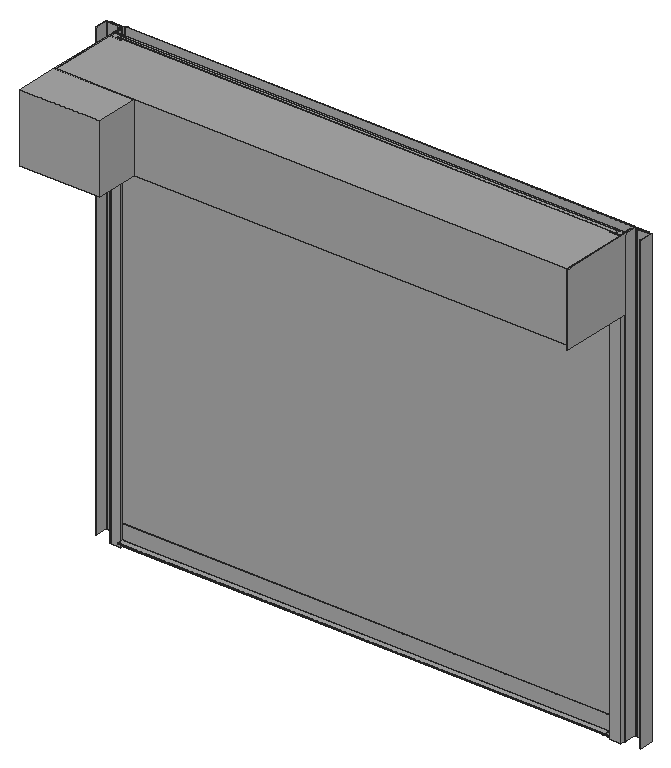
Revit family "Door-Thermiser_Max_BetweenJambMount_Cookson", category Doors, host Wall, Revit 2013
Parameters (values of type "Motor Operated Stainless Steel")
  Sizing Disclaimer = "30’ wide, 30’ high standard construction."  # constant formula
  Revit Object Download Link = "http://cornellcookson.smartbim.com/download/Door-Thermiser_Max_BetweenJambMount_Cookson"
  Product Options = "Vision windows, Powder coat graphics, high cycle springs, locking and many more. Upgrade to a Thermiser Max. Meets air Infiltration standards for IECC 2012, ASHRAE 90.1 and Title 24 with the use of either silicone or a foam block guide seal and a lintel brush with vinyl and sealed at the ends with silicone."  # constant formula
  Optional Operator Cover Right = no
  Optional Operator Cover Left = no
  Optional Material Desired = no
  Mounting = "Between Jambs"  # constant formula
  URL Specifications = "http://www.cooksondoor.com/docs/default-source/Specifications/thermiser-insulated-service-door-specification_k.doc"
  URL Photographs = "http://www.cooksondoor.com/product/thermiser-insulated-doors"
  URL CAD = "http://www.cooksondoor.com/architect-tools-and-resources/drawing-generator?prod=therm"
  Motor Options = "Users should contact Cornell for available motors and electrical information."  # constant formula
  Motor Operator = yes
  Materials Available = "Powder Coated Finish, Standard RAL Colors, Galv Steel, and Aluminum"  # constant formula
  Lintel Seal Note = "Nylon brush seal fitted at door header to impede air flow."  # constant formula
  Hood Note = "Neoprene/rayon baffle to impede airlow above coil."  # constant formula
  Hood = Metal - Cornell - Stainless Steel (Non-Curtain Components)
  Guides = Metal - Cornell - Stainless Steel (Non-Curtain Components)
  Guide Note = "Replaceable vinyl strip on guides sealing against fascia side of curtain."  # constant formula
  Function = Interior
  Hand Chain = no
  Curtain = Metal - Cornell - Stainless Steel (Curtain only - 3In - Slat Spacing)
  Bottom Bar Following Curtain = "Replaceable, bulb-style, comprssible EDPM gasket extending into the guides. Or - Motor Operated Doors: Sensing/weather edge with neoprene astragal extending full width of door bottom bar."  # constant formula
  URL = "http://www.cooksondoor.com/product/thermiser-insulated-doors"
  Subcategory = "Roll Up"  # constant formula
  Wall Construction = "Masonry, Steel or Wood"  # constant formula
  Operator = Operator : Motor Operator
  Representative Disclaimer = "Cookson products are sold and installed through a nationwide network of independent distributors."  # constant formula
  Distributor Locator = "http://www.cooksondoor.com/find-a-dealer"
  Operator Width = (Width - 2 * 0' 3 1/4") + 0' 3 7/16" * 2  # 12' - 0 3/8"
  Operation = ""
  From Coil Side Operate on Right = no
  From Coil Side Operate on Left = not(From Coil Side Operate on Right)  # yes
  Model = "ESD30"  # constant formula
  Manufacturer = "CornellCookson,Inc."  # constant formula
  LEED Information = "http://www.cooksondoor.com/architect-tools-and-resources/leed-information"
  Height = 10' - 0"
  Wall Closure = By host
  Width = 12' - 0"
  Description = "Built to order insulated rolling doors maintain different temperatures on each side of the door."  # constant formula
  Operator Height = Height / 1.5  # 6' - 8"
  Bottom Bar = Metal - Cornell - Stainless Steel (Non-Curtain Components)
  Assembly Code = "B2030410"
  Air Infiltration = "Complies with ASHRAE 90.1 and 2012 IECC® (International Energy Conservation Code) requirements or less than .3 CFM/FT2.  Air infiltration rate of .27 CFM/FT2 validated by an independent testing agency for Face of Wall mounting configuration.  Test report to be made available upon request."  # constant formula
  ASHRAE and IECC 2012 Compliance = "Foam Block in Guides with Lintel Seal inserted with Vinyl.  Meets ASHRAE 90.1 and IECC 2012 air infitration requirements of less than .3 CFM/FT2.  (Face of Wall mounted configuration. Test results available upon request.)"  # constant formula
  95 CSI = "08330"  # constant formula
  Windload = "A full range of specific wind load requirements available- Consult Cookson."  # constant formula
  Sound Transmission Class Rating = "STC 30 for the curtain, and 22 for the complete, operable door assembly"  # constant formula
  Coil Dimension Note = "17” to 30” -  Consult Cookson when dimensions are critical."  # constant formula
  Jamb Dimension Note = "Between Jambs:  7 3/4In to 11in wide. Consult Cookson when dimensions are critical."  # constant formula
  04 CSI = "08 33 00"  # constant formula
  Cost Note = "Based on size, materials selected. Consult Cookson."  # constant formula
Types (8): name | Motor Operator | Hood | Guides | Hand Chain | Curtain | Operator | From Coil Side Operate on Right | From Coil Side Operate on Left | Bottom Bar
  Hand-Chain Operated Galvanized Steel | no | Metal - Cornell - Galvanized or Plain Steel (Non-Curtain Components) | Metal - Cornell - Galvanized or Plain Steel (Non-Curtain Components) | yes | Metal - Cornell - Galvanized Steel (Curtain only - 3In - Slat Spacing) | Operator : Hand-Chain | yes | no | Metal - Cornell - Galvanized or Plain Steel (Non-Curtain Components)
  Hand-Chain Operated Stainless steel | no | Metal - Cornell - Stainless Steel (Non-Curtain Components) | Metal - Cornell - Stainless Steel (Non-Curtain Components) | yes | Metal - Cornell - Stainless Steel (Curtain only - 3In - Slat Spacing) | Operator : Hand-Chain | yes | no | Metal - Cornell - Stainless Steel (Non-Curtain Components)
  Motor Operated Galvanized Steel | yes | Metal - Cornell - Galvanized or Plain Steel (Non-Curtain Components) | Metal - Cornell - Galvanized or Plain Steel (Non-Curtain Components) | no | Metal - Cornell - Galvanized Steel (Curtain only - 3In - Slat Spacing) | Operator : Motor Operator | yes | no | Metal - Cornell - Galvanized or Plain Steel (Non-Curtain Components)
  Motor Operated Stainless Steel | yes | Metal - Cornell - Stainless Steel (Non-Curtain Components) | Metal - Cornell - Stainless Steel (Non-Curtain Components) | no | Metal - Cornell - Stainless Steel (Curtain only - 3In - Slat Spacing) | Operator : Motor Operator | no | yes | Metal - Cornell - Stainless Steel (Non-Curtain Components)
  Hand-Chain Operated Aluminum, mill finish | no | Metal - Cornell - Aluminum - Mill Finish (Non-Curtain Components) | Metal - Cornell - Aluminum - Mill Finish (Non-Curtain Components) | yes | Metal - Cornell - Aluminum - Mill Finish (Curtain only - 3In - Slat Spacing) | Operator : Hand-Chain | yes | no | Metal - Cornell - Aluminum - Mill Finish (Non-Curtain Components)
  Hand-Chain Operated Aluminum, clear anodized finish | no | Metal - Cornell - Aluminum - Clear Anodized Finish (Non-Curtain Components) | Metal - Cornell - Aluminum - Clear Anodized Finish (Non-Curtain Components) | yes | Metal - Cornell - Aluminum - Clear Anodized Finish (Curtain only - 3In - Slat Spacing) | Operator : Hand-Chain | yes | no | Metal - Cornell - Aluminum - Clear Anodized Finish (Non-Curtain Components)
  Motor Operated Aluminum, clear anodized finish | yes | Metal - Cornell - Aluminum - Clear Anodized Finish (Non-Curtain Components) | Metal - Cornell - Aluminum - Clear Anodized Finish (Non-Curtain Components) | no | Metal - Cornell - Aluminum - Clear Anodized Finish (Curtain only - 3In - Slat Spacing) | Operator : Motor Operator | yes | no | Metal - Cornell - Aluminum - Clear Anodized Finish (Non-Curtain Components)
  Motor Operated Aluminum, mill finish | yes | Metal - Cornell - Aluminum - Mill Finish (Non-Curtain Components) | Metal - Cornell - Aluminum - Mill Finish (Non-Curtain Components) | no | Metal - Cornell - Aluminum - Mill Finish (Curtain only - 3In - Slat Spacing) | Operator : Motor Operator | yes | no | Metal - Cornell - Aluminum - Mill Finish (Non-Curtain Components)
Reference planes (in)
  plane 1 "Center (Front/Back)": y = 0
  plane 2 "Center (Left/Right)": x = 36
  plane 3 "Left": x = -36
  plane 4 "Right": x = 108
  plane 5 "Top": z = 120
  plane 6 "Wall Edge": y = -4
  plane 7 "Left Edge of Hood": x = -42.75
  plane 8: y = -4
  plane 9 "Right Edge of Hood": x = 114.75
  plane 10 "Bottom Bar Alignment": y = -5.8765
  plane 11: y = -2.12013
  plane 12: x = -29.74865
  plane 13: x = 101.74865
  plane 14: x = -31.0625
  plane 15: z = 5.53516
  plane 16: x = 105.75
  plane 17: y = -11.65733
  plane 18: y = -19.31465
  plane 19: z = 102
  plane 20: x = -39
  plane 21: y = -33.25
  plane 22: y = -21.875
  plane 23: y = -1.12488
  plane 24: z = 102
  plane 25: y = -5.5
  plane 26: x = 103.0625
Forms (in)
  Sweep 1, solid, material "Metal - Cornell - Stainless Steel (Non-Curtain Components)" <- "Hood"
    path origin (0, -4, -11) x (-1, 0, 0) y (0, 0, 1)
      loop
        line (-103.4375, 124.35156) -> (31.438, 124.35156)
    profile "Profile_Hood : Profile_Hood" origin (35.99975, -4, 113.35156) x (0, 0, 1) y (0, 1, 0)
      loop
        line (6.64844, -17.875) -> (6.64844, 1.875) -> (-11.35156, 1.875) -> (-11.35156, -17.875) -> (6.64844, -17.875)
  Sweep 2, solid, material "Metal - Cornell - Stainless Steel (Non-Curtain Components)" <- "Bottom Bar"
    path origin (-47.26514, -4, 47.99916) x (-1, 0, 0) y (0, 0, 1)
      loop
        line (-147.51514, -48) -> (-19.01514, -48)
    profile "Profile_BottomBar : Profile_BottomBar" origin (36, -4, -0.00084) x (0, 0, 1) y (0, 1, 0)
      loop
        line (1.84214, 1.28791) -> (1.60324, 2.77486)
        arc (1.60324, 2.77486) -> (1.57787, 2.80943) -> (1.535, 2.80903) r 0.047
        line (1.535, 2.80903) -> (1.535, 2.61332) -> (1.75124, 1.26741) -> (0.453, 1.26741)
        arc (0.453, 1.26741) -> (0.33587, 1.252) -> (0.22671, 1.20684) r 0.453
        arc (0.22671, 1.20684) -> (0.12854, 1.13053) -> (0.05482, 1.03042) r 0.453
        arc (0.05482, 1.03042) -> (0.00923, 0.90541) -> (0.00194, 0.77254) r 0.453
        arc (0.00194, 0.77254) -> (0.03976, 0.62881) -> (0.12207, 0.50506) r 0.453
        arc (0.12207, 0.50506) -> (0.1705, 0.46028) -> (0.22493, 0.42301) r 0.453
        arc (0.22493, 0.42301) -> (0.33488, 0.37708) -> (0.453, 0.36141) r 0.453
        line (0.453, 0.36141) -> (1.629, 0.36141) -> (1.629, -1.04659)
        arc (1.629, -1.04659) -> (1.61992, -1.06851) -> (1.598, -1.07759) r 0.031
        line (1.598, -1.07759) -> (1.566, -1.07759)
        arc (1.566, -1.07759) -> (1.54408, -1.08667) -> (1.535, -1.10859) r 0.031
        line (1.535, -1.10859) -> (1.535, -1.17009)
        arc (1.535, -1.17009) -> (1.54877, -1.20333) -> (1.582, -1.21709) r 0.047
        line (1.582, -1.21709) -> (1.676, -1.21709)
        arc (1.676, -1.21709) -> (1.70923, -1.20333) -> (1.723, -1.17009) r 0.047
        line (1.723, -1.17009) -> (1.723, 0.34491) -> (5.536, 0.34491) -> (5.536, 1.28791) -> (1.84214, 1.28791)
  Extrusion 3, solid, material "Metal - Cornell - Stainless Steel (Non-Curtain Components)" <- "Hood"
    sketch origin (0, -0.73439, 111.99245) x (1, 0, 0) y (0, 1, 0)
      loop
        line (-31.0625, 1.48439) -> (103.0625, 1.48439) -> (103.0625, 1.60939) -> (-31.0625, 1.60939) -> (-31.0625, 1.48439)
    from -9.99245 to 8.00755
  Extrusion 4, solid, material "Metal - Cornell - Stainless Steel (Curtain only - 3In - Slat Spacing)" <- "Curtain"
    sketch origin (1.25, 0, 0) x (1, 0, 0) y (0, 1, 0)
      loop
        line (-30.99865, -2.875) -> (-30.99865, -3.5) -> (100.49865, -3.5) -> (100.49865, -2.875) -> (-30.99865, -2.875)
    from 5.53516 to 120
Lines and regions (in)
  Opening 1
    outline origin (-98, -4, 0) x (1, 0, 0) y (0, 0, 1)
      loop
        line (62, 0) -> (206, 0) -> (206, 120) -> (62, 120) -> (62, 0)
  symbolic lines, style "Roller Chamber"
    curve 1: line (-31.438, -4, 0) -> (-36, -4, 0)
    curve 2: line (108, -4, 0) -> (103.4375, -4, 0)
  symbolic lines, style "Doors"
    curve 3: line (-29.74865, -3.5, 0) -> (101.74865, -3.5, 0)
    curve 4: line (101.74865, -3.5, 0) -> (101.74865, -2.875, 0)
    curve 5: line (101.74865, -2.875, 0) -> (-29.74865, -2.875, 0)
    curve 6: line (-29.74865, -2.875, 0) -> (-29.74865, -3.5, 0)
    curve 7: line (100.25, -1.19097, 0) -> (-28.25, -1.19097, 0)
    curve 8: line (100.25, -5.21709, 0) -> (100.25, -3.5, 0)
    curve 9: line (-28.25, -5.21709, 0) -> (100.25, -5.21709, 0)
    curve 10: line (-28.25, -1.19097, 0) -> (-28.25, -2.875, 0)
    curve 11: line (100.25, -2.875, 0) -> (100.25, -1.19097, 0)
    curve 12: line (-28.25, -3.5, 0) -> (-28.25, -5.21709, 0)
Text (in)
  text "Exterior" at (-74.96733, 27.31104, 0), in view "Ref. Level"
  text "Interior" at (-74.96733, -25.14366, 0), in view "Ref. Level"
  text "Exterior" at (0, 40.15149, 123.01588), in view "Right"
  text "Interior" at (0, -64.39139, 123.01588), in view "Right"
  text "Interior" at (0, -63.63426, 123.00693), in view "Left"
  text "Exterior" at (0, 54.57065, 123.00693), in view "Left"
Dimensions and locks (in)
  equal spacing: plane 3 "Left", plane 2 "Center (Left/Right)", plane 4 "Right"
  "Height": level to plane 5 "Top"
  "Width": plane 3 "Left" to plane 4 "Right"
  locked: plane 7 "Left Edge of Hood" to plane 3 "Left" at 6.75
  locked: plane 8 to plane 6 "Wall Edge"
  locked: plane 9 "Right Edge of Hood" to plane 4 "Right" at 6.75
  locked: plane 10 "Bottom Bar Alignment" to plane 8 at 1.8765
  locked: plane 11 to host wall at 2.12013
  locked: plane 3 "Left" to plane 12 at 6.25135
  locked: plane 13 to plane 4 "Right" at 6.25135
  locked: Extrusion 3 sketch curve to Extrusion 3 sketch curve at 0.125
  locked: Extrusion 3 to Extrusion 3 at 0.125
  locked: plane 14 to plane 12 at 1.31385
  locked: level to plane 15 at 5.53516
  Sweep 1 to plane 16 to plane 4 "Right" = 0' - 2 5/16", 0' - 2 1/4"
  equal spacing: plane 6 "Wall Edge", plane 17, plane 18
  locked: plane 8 to plane 18 at 15.31465
  plane 20 to plane 3 "Left" to Sweep 1 = 0' - 3", 0' - 4.562"
  plane 14 to Extrusion 4 sketch curve = 0' - 1.31385"
  locked: Extrusion 4 sketch curve to Extrusion 4 sketch curve at 0.625
  locked: plane 22 to plane 21 at 11.375
  locked: host wall to plane 22 at 17.875
  locked: plane 5 "Top" to plane 24 at 18
  plane 24 to level = 8' - 6"
  locked: Extrusion 4 sketch curve to nested 2 at 0.5
  locked: plane 19 to plane 5 "Top" at 18
  plane 3 "Left" to plane 4 "Right" = 12' - 0"
  locked: plane 3 "Left" to Sweep 1 sketch curve at 4.562
  locked: Sweep 1 sketch curve to plane 4 "Right" at 4.5625
  locked: plane 13 to plane 26 at 1.31385
  aligned and locked: plane 3 "Left" to Opening 1 sketch curve
  aligned and locked: plane 5 "Top" to Opening 1 sketch curve  (x2)
  aligned and locked: Opening 1 sketch curve to plane 4 "Right"
  aligned and locked: Opening 1 sketch curve to level
  aligned and locked: plane 6 "Wall Edge" to host wall
  aligned and locked: plane 8 to nested 1
  aligned and locked: plane 8 to nested 2
  aligned and locked: nested 2 to Sweep 2 sketch curve
  aligned and locked: nested 1 to Sweep 2 sketch curve
  aligned and locked: plane 3 "Left" to curve 1
  aligned and locked: Sweep 1 to curve 1
  aligned and locked: plane 6 "Wall Edge" to curve 1
  aligned and locked: plane 4 "Right" to curve 2
  aligned and locked: curve 2 to plane 6 "Wall Edge"
  aligned and locked: plane 19 to Extrusion 3
  aligned and locked: Extrusion 3 to plane 5 "Top"
  aligned and locked: Sweep 1 to curve 2
  aligned: nested 1 to plane 3 "Left"
  aligned and locked: nested 2 to plane 4 "Right"
  aligned and locked: plane 15 to Sweep 2
  aligned and locked: Extrusion 4 to plane 13
  aligned and locked: plane 12 to Extrusion 4
  aligned: nested 3 to plane 24
  aligned and locked: plane 14 to Extrusion 3
  aligned and locked: Extrusion 4 to plane 5 "Top"
  aligned: nested 3 to plane 22
  aligned and locked: Extrusion 3 sketch curve to nested 2
  aligned and locked: Extrusion 4 to plane 15
  aligned: nested 4 to Sweep 1
  aligned: nested 4 to nested 3
  aligned: nested 5 to nested 3  (x2)
  aligned: nested 3 to nested 5
  aligned: nested 5 to Sweep 1
  aligned: plane 2 "Center (Left/Right)" to nested 3
  aligned and locked: Sweep 1 to nested 4
  aligned and locked: nested 4 to nested 2
  aligned and locked: nested 3 to Sweep 1  (x2)
  aligned and locked: plane 5 "Top" to nested 3
  aligned and locked: nested 4 to plane 5 "Top"
  aligned and locked: nested 5 to Sweep 1  (x2)
  aligned and locked: nested 5 to plane 5 "Top"
  aligned and locked: nested 1 to plane 3 "Left"
  aligned and locked: Extrusion 3 sketch curve to plane 14
  aligned and locked: plane 26 to Extrusion 3 sketch curve
  aligned and locked: nested 1 to level
  aligned and locked: level to nested 2
  aligned and locked: Sweep 1 to plane 5 "Top"
  aligned and locked: curve 3 to Extrusion 4
  aligned and locked: curve 4 to Extrusion 4
  aligned and locked: curve 5 to Extrusion 4
  aligned and locked: curve 6 to Extrusion 4
  aligned and locked: curve 7 to Sweep 2
  aligned and locked: curve 8 to Sweep 2
  aligned and locked: Sweep 2 to curve 9
  aligned and locked: Sweep 2 to curve 10
Automatic sketch dimensions
  Sweep 1 sketch curve to plane 19 = 0' - 11 45/128"
  Sweep 2 sketch curve to level = 0' - 0.00084"
  plane 13 to Extrusion 4 sketch curve = 0' - 0"
  curve 5 to plane 12 = 0' - 0"
  curve 3 to plane 13 = 0' - 0"
  curve 3 to curve 5 = 0' - 0 5/8"
  curve 11 to host wall = 0' - 1 1/8"
  curve 12 to host wall = 0' - 0 1/2"
  curve 12 to plane 12 = 0' - 1.49865"
  curve 10 to plane 11 = 0' - 0.75487"
  curve 11 to plane 13 = 0' - 1.49865"
  curve 8 to host wall = 0' - 0 1/2"
Nested families (in)
  nested 1: "Jamb_Guide-Wall" at (-33.75, 0.5, 0), type "Guide"
  nested 2: "Jamb_Guide-Wall" at (105.75, 0.5, 0) x (-1, 0, 0) z (0, 0, 1), type "Guide"
  nested 3: "Operator" at (35.9995, -2.125, 31.5), type <- "Operator", type "Motor Operator"
    with Right Visibility no, Motor Visibility no, Motor yes, Left Visibility yes
  nested 4: "Palte_CornellIron" at (103.563, -11.875, 83.62409), type "Right Plate"
  nested 5: "Palte_CornellIron" at (-31.563, -11.875, 83.62409), type "Left Plate"
Definition of nested family "Jamb_Guide-Wall"
  Parameters (values of type "Guide")
    Height = 10' - 0"
    Guide = Metal - Cornell - Stainless Steel (Non-Curtain Components)
    Assembly Code = ""
  Reference planes (in)
    plane 1 "Center (Front/Back)": y = 0
    plane 2: z = 0
    plane 3 "Center (Left/Right)": x = 0.0625
    plane 4: z = 120
    plane 5 "Center Line": x = 2.3125
    plane 6: y = -0.25
    plane 7: x = 5.5
    plane 8: x = -2.25
    plane 9: y = 0.25
    plane 10: y = -4.5
    plane 11: y = -2.25
  Forms (in)
    Extrusion 1, solid, material "Metal - Cornell - Stainless Steel (Non-Curtain Components)" <- "Guide"
      sketch origin (-14.10276, 14.79848, 0) x (1, 0, 0) y (0, 1, 0)
        loop
          line (12.10276, -18.17348) -> (12.10276, -15.17348)
          arc (12.10276, -15.17348) -> (12.13937, -15.08509) -> (12.22776, -15.04848) r 0.125
          line (12.22776, -15.04848) -> (15.22776, -15.04848)
          arc (15.22776, -15.04848) -> (15.31614, -15.01187) -> (15.35276, -14.92348) r 0.125
          line (15.35276, -14.92348) -> (15.35276, -14.79848) -> (11.85276, -14.79848) -> (11.85276, -18.29848) -> (11.97776, -18.29848)
          arc (11.97776, -18.29848) -> (12.06614, -18.26187) -> (12.10276, -18.17348) r 0.125
      from 0 to 120
    Extrusion 2, solid, material "Metal - Cornell - Stainless Steel (Non-Curtain Components)" <- "Guide"
      sketch origin (-14.10276, 14.79848, 0) x (1, 0, 0) y (0, 1, 0)
        loop
          line (13.03976, -14.79848) -> (16.03976, -14.79848)
          arc (16.03976, -14.79848) -> (16.12814, -14.83509) -> (16.16476, -14.92348) r 0.125
          line (16.16476, -14.92348) -> (16.16476, -17.92348)
          arc (16.16476, -17.92348) -> (16.20137, -18.01187) -> (16.28976, -18.04848) r 0.125
          line (16.28976, -18.04848) -> (16.41476, -18.04848) -> (16.41476, -14.54848) -> (12.91476, -14.54848) -> (12.91476, -14.67348)
          arc (12.91476, -14.67348) -> (12.95137, -14.76187) -> (13.03976, -14.79848) r 0.125
      from 0 to 120
    Extrusion 3, solid, material "Metal - Cornell - Stainless Steel (Non-Curtain Components)" <- "Guide"
      sketch origin (0, 0, 0) x (1, 0, 0) y (0, 1, 0)
        loop
          line (2.4995, -2.9375) -> (5.4995, -2.9375) -> (5.4995, -2.84375)
          arc (5.4995, -2.84375) -> (5.47204, -2.77746) -> (5.40575, -2.75) r 0.09375
          line (5.40575, -2.75) -> (2.78075, -2.75)
          arc (2.78075, -2.75) -> (2.71446, -2.72254) -> (2.687, -2.65625) r 0.09375
          line (2.687, -2.65625) -> (2.687, -1.03125)
          arc (2.687, -1.03125) -> (2.65954, -0.96496) -> (2.59325, -0.9375) r 0.09375
          line (2.59325, -0.9375) -> (2.4995, -0.9375) -> (2.4995, -2.9375)
      from 0 to 120
    Extrusion 4, solid, material "Metal - Cornell - Stainless Steel (Non-Curtain Components)" <- "Guide"
      sketch origin (0, 0, 0) x (1, 0, 0) y (0, 1, 0)
        loop
          line (5.21825, -4.3125) -> (2.59325, -4.3125)
          arc (2.59325, -4.3125) -> (2.52696, -4.28504) -> (2.4995, -4.21875) r 0.09375
          line (2.4995, -4.21875) -> (2.4995, -1.59375)
          arc (2.4995, -1.59375) -> (2.47204, -1.52746) -> (2.40575, -1.5) r 0.09375
          line (2.40575, -1.5) -> (2.312, -1.5) -> (2.312, -4.5) -> (5.312, -4.5) -> (5.312, -4.40625)
          arc (5.312, -4.40625) -> (5.28454, -4.33996) -> (5.21825, -4.3125) r 0.09375
      from 0 to 120
  Lines and regions (in)
    symbolic lines, style "GenericModel"
      curve 1: line (1.25, 0, 0) -> (-2.25, 0, 0)
      curve 2: line (1.25, -0.125, 0) -> (1.25, 0, 0)
      curve 3: arc (1.125, -0.25, 0) -> (1.21339, -0.21339, 0) -> (1.25, -0.125, 0) r 0.125
      curve 4: line (-1.875, -0.25, 0) -> (1.125, -0.25, 0)
      curve 5: arc (-2, -0.375, 0) -> (-1.96339, -0.28661, 0) -> (-1.875, -0.25, 0) r 0.125
      curve 6: line (-2, -3.375, 0) -> (-2, -0.375, 0)
      curve 7: line (-2.25, 0, 0) -> (-2.25, -3.5, 0)
      curve 8: line (-2.25, -3.5, 0) -> (-2.125, -3.5, 0)
      curve 9: arc (-2.125, -3.5, 0) -> (-2.03661, -3.46339, 0) -> (-2, -3.375, 0) r 0.125
      curve 10: line (2.312, -3.25, 0) -> (2.312, 0.25, 0)
      curve 11: line (2.062, -0.125, 0) -> (2.062, -3.125, 0)
      curve 12: arc (2.062, -3.125, 0) -> (2.09861, -3.21339, 0) -> (2.187, -3.25, 0) r 0.125
      curve 13: line (2.187, -3.25, 0) -> (2.312, -3.25, 0)
      curve 14: arc (1.937, 0, 0) -> (2.02539, -0.03661, 0) -> (2.062, -0.125, 0) r 0.125
      curve 15: line (-1.063, 0, 0) -> (1.937, 0, 0)
      curve 16: line (-1.188, 0.25, 0) -> (-1.188, 0.125, 0)
      curve 17: arc (-1.188, 0.125, 0) -> (-1.15139, 0.03661, 0) -> (-1.063, 0, 0) r 0.125
      curve 18: line (2.312, 0.25, 0) -> (-1.188, 0.25, 0)
      curve 19: line (2.40575, -1.5, 0) -> (2.312, -1.5, 0)
      curve 20: arc (2.4995, -1.59375, 0) -> (2.47204, -1.52746, 0) -> (2.40575, -1.5, 0) r 0.09375
      curve 21: line (2.4995, -0.9375, 0) -> (2.4995, -2.9375, 0)
      curve 22: line (2.59325, -0.9375, 0) -> (2.4995, -0.9375, 0)
      curve 23: arc (2.687, -1.03125, 0) -> (2.65954, -0.96496, 0) -> (2.59325, -0.9375, 0) r 0.09375
      curve 24: line (2.687, -2.65625, 0) -> (2.687, -1.03125, 0)
      curve 25: arc (2.78075, -2.75, 0) -> (2.71446, -2.72254, 0) -> (2.687, -2.65625, 0) r 0.09375
      curve 26: line (5.40575, -2.75, 0) -> (2.78075, -2.75, 0)
      curve 27: line (2.4995, -2.9375, 0) -> (5.4995, -2.9375, 0)
      curve 28: arc (5.4995, -2.84375, 0) -> (5.47204, -2.77746, 0) -> (5.40575, -2.75, 0) r 0.09375
      curve 29: line (5.4995, -2.9375, 0) -> (5.4995, -2.84375, 0)
      curve 30: line (5.21825, -4.3125, 0) -> (2.59325, -4.3125, 0)
      curve 31: arc (5.312, -4.40625, 0) -> (5.28454, -4.33996, 0) -> (5.21825, -4.3125, 0) r 0.09375
      curve 32: line (5.312, -4.5, 0) -> (5.312, -4.40625, 0)
      curve 33: line (2.312, -4.5, 0) -> (5.312, -4.5, 0)
      curve 34: arc (2.59325, -4.3125, 0) -> (2.52696, -4.28504, 0) -> (2.4995, -4.21875, 0) r 0.09375
      curve 35: line (2.4995, -4.21875, 0) -> (2.4995, -1.59375, 0)
      curve 36: line (2.312, -1.5, 0) -> (2.312, -4.5, 0)
  Dimensions and locks (in)
    "Height": plane 4 to plane 2
    aligned and locked: plane 2 to level
    aligned and locked: Extrusion 1 to level
    aligned and locked: plane 4 to Extrusion 1
    aligned and locked: plane 4 to Extrusion 2
    aligned and locked: Extrusion 2 to level
    aligned and locked: Extrusion 3 to level
    aligned and locked: plane 4 to Extrusion 3
    aligned and locked: Extrusion 4 to level
    aligned and locked: plane 4 to Extrusion 4
    aligned and locked: curve 1 to Extrusion 1
    aligned and locked: curve 2 to Extrusion 1
    aligned and locked: curve 3 to Extrusion 1
    aligned and locked: curve 4 to Extrusion 1
    aligned and locked: curve 5 to Extrusion 1
    aligned and locked: curve 6 to Extrusion 1
    aligned and locked: curve 7 to Extrusion 1
    aligned and locked: curve 8 to Extrusion 1
    aligned and locked: curve 9 to Extrusion 1
    aligned and locked: curve 10 to Extrusion 2
    aligned and locked: curve 11 to Extrusion 2
    aligned and locked: curve 12 to Extrusion 2
    aligned and locked: curve 13 to Extrusion 2
    aligned and locked: curve 14 to Extrusion 2
    aligned and locked: curve 15 to Extrusion 2
    aligned and locked: curve 16 to Extrusion 2
    aligned and locked: curve 17 to Extrusion 2
    aligned and locked: curve 18 to Extrusion 2
    aligned and locked: curve 19 to Extrusion 4
    aligned and locked: curve 20 to Extrusion 4
    aligned and locked: curve 21 to Extrusion 3
    aligned and locked: curve 22 to Extrusion 3
    aligned and locked: curve 23 to Extrusion 3
    aligned and locked: curve 24 to Extrusion 3
    aligned and locked: curve 25 to Extrusion 3
    aligned and locked: curve 26 to Extrusion 3
    aligned and locked: curve 27 to Extrusion 3
    aligned and locked: curve 28 to Extrusion 3
    aligned and locked: curve 29 to Extrusion 3
    aligned and locked: curve 30 to Extrusion 4
    aligned and locked: curve 31 to Extrusion 4
    aligned and locked: curve 32 to Extrusion 4
    aligned and locked: curve 33 to Extrusion 4
    aligned and locked: curve 34 to Extrusion 4
    aligned and locked: curve 35 to Extrusion 4
    aligned and locked: curve 36 to Extrusion 4
  Automatic sketch dimensions
    Extrusion 1 sketch curve to plane 7 = 0' - 7 3/4"
    Extrusion 1 sketch curve to Extrusion 1 sketch curve = 0' - 0 1/8"  (x4)
    Extrusion 1 sketch curve to Extrusion 1 sketch curve = 0' - 0 1/4"
    Extrusion 1 sketch curve to Extrusion 1 sketch curve = 0' - 3"  (x2)
    plane 10 to Extrusion 1 sketch curve = 0' - 1"
    Extrusion 2 sketch curve to plane 9 = 0' - 0"
    Extrusion 2 sketch curve to plane 1 "Center (Front/Back)" = 0' - 0"
    plane 8 to Extrusion 2 sketch curve = 0' - 1.062"
    Extrusion 2 sketch curve to Extrusion 2 sketch curve = 0' - 0 1/8"  (x3)
    Extrusion 2 sketch curve to plane 5 "Center Line" = 0' - 0.3755"
    plane 5 "Center Line" to Extrusion 3 sketch curve = 0' - 0.187"
    Extrusion 3 sketch curve to Extrusion 3 sketch curve = 0' - 0 3/32"  (x4)
    Extrusion 3 sketch curve to plane 7 = 0' - 0.09425"
    Extrusion 3 sketch curve to plane 7 = 0' - 0.0005"
    Extrusion 3 sketch curve to plane 11 = 0' - 0 11/16"
    Extrusion 3 sketch curve to plane 6 = 0' - 0 25/32"
    Extrusion 2 sketch curve to plane 5 "Center Line" = 0' - 0.0005"
    Extrusion 2 sketch curve to plane 11 = 0' - 0 7/8"
    Extrusion 4 sketch curve to plane 10 = 0' - 0"
    Extrusion 4 sketch curve to plane 5 "Center Line" = 0' - 0.0005"
    plane 5 "Center Line" to Extrusion 4 sketch curve = 0' - 0.09325"
    plane 5 "Center Line" to Extrusion 4 sketch curve = 0' - 0.187"
    Extrusion 4 sketch curve to Extrusion 4 sketch curve = 0' - 0 3/32"  (x2)
    Extrusion 4 sketch curve to plane 7 = 0' - 0.28175"
    plane 10 to Extrusion 4 sketch curve = 0' - 0 3/32"
    plane 11 to Extrusion 4 sketch curve = 0' - 0 21/32"
    plane 1 "Center (Front/Back)" to curve 2 = 0' - 0"
    curve 2 to plane 5 "Center Line" = 0' - 1 1/16"
    curve 1 to plane 8 = 0' - 0"
    plane 1 "Center (Front/Back)" to curve 2 = 0' - 0 1/8"
    curve 3 to plane 6 = 0' - 0"
    curve 5 to curve 5 = 0' - 0 1/8"
    plane 10 to curve 6 = 0' - 1 1/8"
    curve 7 to curve 6 = 0' - 0 1/8"
    curve 7 to curve 8 = 0' - 0 1/8"
    curve 11 to plane 5 "Center Line" = 0' - 0.2505"
    curve 11 to plane 11 = 0' - 0 7/8"
    curve 10 to plane 9 = 0' - 0"
    curve 11 to curve 12 = 0' - 0 1/8"
    curve 10 to plane 5 "Center Line" = 0' - 0.0005"
    plane 1 "Center (Front/Back)" to curve 11 = 0' - 0 1/8"
    plane 1 "Center (Front/Back)" to curve 14 = 0' - 0"
    curve 4 to curve 15 = 0' - 0.812"
    curve 16 to plane 1 "Center (Front/Back)" = 0' - 0 1/8"
    plane 8 to curve 16 = 0' - 1.062"
    plane 5 "Center Line" to curve 19 = 0' - 0.09325"
    plane 11 to curve 19 = 0' - 0 3/4"
    curve 20 to curve 20 = 0' - 0 3/32"
    curve 12 to curve 21 = 0' - 0 3/16"
    curve 19 to curve 21 = 0' - 0 9/16"
    curve 21 to curve 22 = 0' - 0 3/32"
    curve 23 to curve 23 = 0' - 0 3/32"
    curve 21 to curve 24 = 0' - 0 9/32"
    curve 24 to curve 25 = 0' - 0 3/32"
    curve 26 to plane 7 = 0' - 0.09425"
    curve 28 to plane 7 = 0' - 0.0005"
    plane 10 to curve 30 = 0' - 0 3/16"
    curve 30 to plane 7 = 0' - 0.28175"
    plane 5 "Center Line" to curve 30 = 0' - 0.28075"
    plane 10 to curve 31 = 0' - 0 3/32"
    curve 32 to plane 10 = 0' - 0"
    curve 33 to plane 5 "Center Line" = 0' - 0.0005"
    curve 34 to curve 34 = 0' - 0 3/32"
    curve 35 to curve 20 = 0' - 0"
Definition of nested family "Operator"
  Parameters (values of type "Motor Operator")
    Width = 12' - 0 3/8"
    Straight = no
    Right Visibility = yes
    Optional Operator Cover Right = no
    Optional Operator Cover Left = no
    Operator Height = 6' - 8"
    Motor Visibility = not(Motor)  # yes
    Motor = no
    Material = Metal - Cornell - Aluminum - Clear Anodized Finish (Non-Curtain Components)
    Left Visibility = no
    Chain = no
    Bottom Bar = Metal - Cornell - Aluminum - Clear Anodized Finish (Non-Curtain Components)
    Assembly Code = ""
  Types (2): name | Straight | Chain
    Hand-Chain | yes | yes
    Motor Operator | no | no
  Reference planes (in)
    plane 1 "Center (Front/Back)": y = 0
    plane 2: z = 0
    plane 3 "Center (Left/Right)": x = 0
    plane 4: x = 72.1875
    plane 5: x = -72.1875
    plane 6: x = 67.4375
    plane 7: x = -67.4375
    plane 8: y = -18
    plane 9: z = 88.05919
  Forms (in)
    Extrusion 1, solid, material "Metal - Cornell - Aluminum - Clear Anodized Finish (Non-Curtain Components)" <- "Material", visible <- "Optional Operator Cover Right"
      sketch origin (73.3125, -8.5, 15.98274) x (1, 0, 0) y (0, 1, 0)
        loop
          line (-5.625, 8.5) -> (-5.625, 8.25) -> (-1.5, 8.25) -> (-1.5, -11) -> (-5.625, -11) -> (-5.625, -11.25) -> (-1.25, -11.25) -> (-1.25, 8.5) -> (-5.625, 8.5)
      from 54.51726 to 72.51726
    Extrusion 2, solid, material "Metal - Cornell - Aluminum - Clear Anodized Finish (Non-Curtain Components)" <- "Material", visible <- "Optional Operator Cover Right"
      sketch origin (73.3125, -8.5, 15.98274) x (1, 0, 0) y (0, 1, 0)
        loop
          line (-1.5, -11) -> (-1.5, 8.25) -> (-5.625, 8.25) -> (-5.625, -11) -> (-1.5, -11)
      from 72.07644 to 72.51726
    Extrusion 3, solid, material "Metal - Cornell - Aluminum - Clear Anodized Finish (Non-Curtain Components)" <- "Material", visible <- "Optional Operator Cover Left"
      sketch origin (-73.3125, -10.25, 15.98274) x (-1, 0, 0) y (0, -1, 0)
        loop
          line (-5.625, -8.5) -> (-1.25, -8.5) -> (-1.25, 9.5) -> (-5.625, 9.5) -> (-5.625, 9.25) -> (-1.5, 9.25) -> (-1.5, -8.25) -> (-5.625, -8.25) -> (-5.625, -8.5)
      from 54.51726 to 72.51726
    Extrusion 4, solid, material "Metal - Cornell - Aluminum - Clear Anodized Finish (Non-Curtain Components)" <- "Material", visible <- "Optional Operator Cover Left"
      sketch origin (-73.3125, -10.25, 15.98274) x (-1, 0, 0) y (0, -1, 0)
        loop
          line (-1.5, 9.25) -> (-5.625, 9.25) -> (-5.625, -8.25) -> (-1.5, -8.25) -> (-1.5, 9.25)
      from 71.67269 to 72.51726
  Lines and regions (in)
    symbolic lines, style "GenericModelHiddenLines", visible <- "Right Visibility"
      curve 1: line (-67.4375, -19.75, 0) -> (46.4375, -19.75, 0)
    symbolic lines, style "GenericModelHiddenLines", visible <- "Left Visibility"
      curve 2: line (-46.4375, -19.75, 0) -> (67.6875, -19.75, 0)
    symbolic lines, style "GenericModelHiddenLines", visible <- "Straight"
      curve 3: line (-67.4375, -19.75, 0) -> (67.6875, -19.75, 0)
    symbolic lines, style "GenericModelHiddenLines", visible <- "Motor Visibility"
      curve 4: line (-67.4375, -19.75, 0) -> (67.6875, -19.75, 0)
    symbolic lines, style "GenericModelHiddenLines"
      curve 5: line (-67.4375, -19.75, 0) -> (-67.4375, -1.875, 0)
      curve 6: line (67.6875, -19.75, 0) -> (67.6875, -1.875, 0)
  Dimensions and locks (in)
    equal spacing: plane 5, plane 3 "Center (Left/Right)", plane 4
    "Width": plane 5 to plane 4
    locked: plane 6 to plane 4 at 4.75
    locked: plane 5 to plane 7 at 4.75
    locked: plane 1 "Center (Front/Back)" to plane 8 at 18
    locked: curve 5 to plane 1 "Center (Front/Back)" at 1.875
    locked: curve 6 to plane 1 "Center (Front/Back)" at 1.875
    locked: Extrusion 1 to plane 9 at 0.44081
    aligned and locked: nested 1 to plane 6
    aligned: nested 3 to plane 7
    aligned: plane 7 to nested 3
    aligned: plane 7 to nested 4  (x2)
    aligned and locked: nested 1 to nested 2
    aligned and locked: nested 2 to nested 1
    aligned and locked: nested 2 to curve 6
    aligned and locked: plane 7 to nested 4
    aligned and locked: curve 5 to plane 7
    aligned and locked: nested 3 to plane 7
    aligned: Extrusion 2 sketch curve to Extrusion 1
    aligned and locked: Extrusion 2 sketch curve to Extrusion 1  (x2)
    aligned and locked: Extrusion 4 sketch curve to Extrusion 3  (x2)
    aligned and locked: Extrusion 3 to Extrusion 4 sketch curve
    aligned and locked: curve 6 to Extrusion 2 sketch curve
    aligned and locked: curve 6 to Extrusion 1 sketch curve
    aligned and locked: Extrusion 1 to nested 1  (x2)
    aligned and locked: Extrusion 2 to nested 1
    aligned and locked: Extrusion 2 to plane 9
    aligned and locked: Extrusion 3 to nested 4
    aligned and locked: nested 4 to Extrusion 3
    aligned and locked: nested 4 to Extrusion 4
    aligned and locked: nested 4 to Extrusion 3 sketch curve
    aligned and locked: Extrusion 3 sketch curve to nested 4
  Automatic sketch dimensions
    curve 1 to plane 6 = 1' - 9"
    curve 6 to plane 8 = 0' - 1 3/4"
    curve 3 to curve 2 = 1' - 9"
    plane 4 to Extrusion 1 sketch curve = 0' - 4 1/2"
    Extrusion 1 sketch curve to Extrusion 1 sketch curve = 0' - 4 1/8"
    Extrusion 1 sketch curve to Extrusion 1 sketch curve = 0' - 0 1/4"  (x3)
    Extrusion 1 sketch curve to plane 8 = 0' - 1 3/4"
    plane 8 to Extrusion 1 sketch curve = 1' - 5 3/4"
    Extrusion 3 sketch curve to Extrusion 3 sketch curve = 0' - 4 1/8"
    Extrusion 3 sketch curve to Extrusion 3 sketch curve = 0' - 0 1/4"  (x3)
    plane 8 to Extrusion 3 sketch curve = 1' - 4 1/4"
    Extrusion 3 sketch curve to Extrusion 3 sketch curve = 1' - 5 1/2"
    Extrusion 4 sketch curve to Extrusion 4 sketch curve = 0' - 4 1/8"
    Extrusion 2 sketch curve to plane 8 = 0' - 1 1/2"
  Nested families (in)
    nested 1: "Pull-Down-Pole" at (73.3125, -8.5, 0), visible <- "Right Visibility", type "Right Operator"
      with Motor no, Chain no
    nested 2: "Motor" at (46.6875, -19.75, 0), visible <- "Right Visibility", type "Motor"
      with Motor no
    nested 3: "Motor" at (-67.4375, -19.75, 0), visible <- "Left Visibility", type "Motor 2"
      with Motor no
    nested 4: "Pull-Down-Pole" at (-73.3125, -8.5, 0) x (-1, 0, 0) z (0, 0, 1), visible <- "Left Visibility", type "Left Operator"
      with Motor no, Chain no
  Definition of nested family "Motor"
    Parameters (values of type "Motor 2")
      Motor = yes
      Assembly Code = ""
    Types (2): name
      Motor 2
      Motor
    Reference planes (in)
      plane 1 "Center (Front/Back)": y = 0
      plane 2: z = 0
      plane 3 "Center (Left/Right)": x = 0
    Lines and regions (in)
      symbolic lines, style "GenericModelHiddenLines", visible <- "Motor"
        curve 1: line (0, -1.75, 0) -> (0, -11.375, 0)
        curve 2: line (0, -11.375, 0) -> (21, -11.375, 0)
        curve 3: line (21, -11.375, 0) -> (21, -1.75, 0)
    Dimensions and locks (in)
      aligned: curve 1 to plane 3 "Center (Left/Right)"
Definition of nested family "Palte_CornellIron"
  Parameters (values of type "Right Plate")
    Width = 1' - 8"
    Material = none
    Plate = yes
    Height = 1' - 7"
    Assembly Code = ""
  Types (2): name | Plate
    Right Plate | yes
    Left Plate | no
  Reference planes (in)
    plane 1 "Center (Front/Back)": y = 0
    plane 2: z = 0
    plane 3 "Center (Left/Right)": x = 0
    plane 4: z = 36.37591
    plane 5: z = 26.87591
    plane 6: z = 17.37591
    plane 7: y = -10
    plane 8: y = 10
    plane 9: x = -0.125
    plane 10: x = 0.125
  Forms (in)
    Extrusion 1, solid, material <- "Material", visible <- "Plate"
      sketch origin (78.5625, 12.76662, -83.62409) x (0, 1, 0) y (0, 0, -1)
        loop
          line (-2.76662, -101) -> (-22.76662, -101) -> (-22.76662, -120) -> (-2.76662, -120) -> (-2.76662, -101)
      from 78.4375 to 78.6875
  Dimensions and locks (in)
    equal spacing: plane 4, plane 5, plane 6
    "Width": plane 8 to plane 7
    "Height": plane 4 to plane 6
    equal spacing: plane 8, plane 1 "Center (Front/Back)", plane 7
    aligned and locked: plane 6 to Extrusion 1
    aligned and locked: plane 4 to Extrusion 1
    aligned and locked: plane 8 to Extrusion 1
    aligned and locked: plane 7 to Extrusion 1
    aligned and locked: plane 9 to Extrusion 1
    aligned and locked: Extrusion 1 to plane 10
  Automatic sketch dimensions
    Extrusion 1 sketch curve to plane 6 = 0' - 0"
    Extrusion 1 sketch curve to plane 4 = 0' - 0"
    plane 1 "Center (Front/Back)" to Extrusion 1 sketch curve = 0' - 10"
    Extrusion 1 sketch curve to plane 1 "Center (Front/Back)" = 0' - 10"
